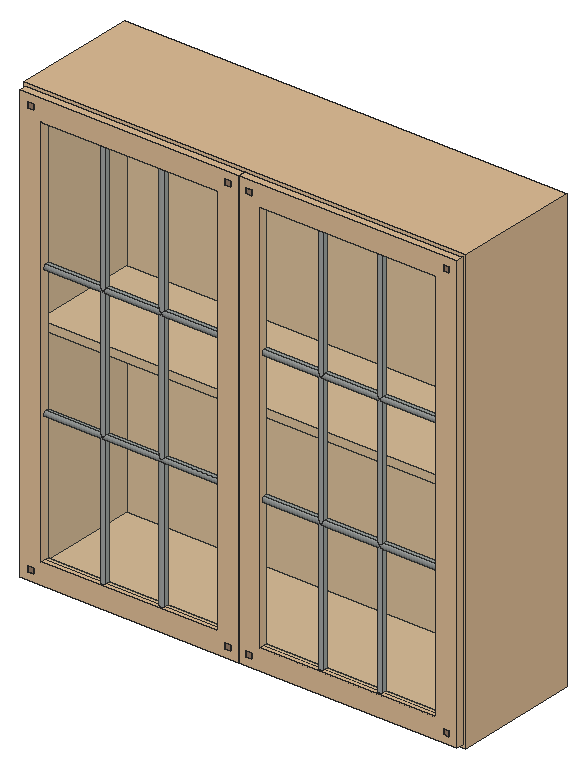
Revit family "Cabinet_Wall_Doors", category Casework, Revit 2026
Family settings
  Classification Number = 23.40.35.11.11
  Work Plane-Based = No
  Always vertical = Yes
  Cut with Voids When Loaded = No
  Shared = No
  Room Calculation Point = No
Parameters (values of type "42x42h - 2Dr_Glz")
  Width = 3' - 6"
  Warranty Duration (Years) = 5
  Mounting Height = 4' - 6"
  Test Data = ""
  Specification = "http://www.arcat.com/divs/sec/sec12350.shtml"
  Show Annotation [instance] = yes
  Sales Information = ""
  Right Side Panel Finish = ARCAT - Wood - Maple_Hard
  Product Properties = "http://www.arcat.com/bim/bim_info.pl?fn=Cabinet_Wall_Doors"
  Product Data = "http://www.arcat.com/divs/sec/sec12350.shtml"
  Panel Thickness = 0' - 0 3/4"
  Model = "42x42h - 2Dr - Glz"
  Manufacturer Website = "http://www.arcat.com/"
  Manufacturer Phone - Toll Free = ""
  Manufacturer Phone = "(203) 929-9444"  # constant formula
  Manufacturer Fax = "(203) 939-2444"  # constant formula
  Manufacturer Email = "bim@arcat.com"  # constant formula
  Manufacturer Address = "1077 Bridgeport Ave, Shelton, CT  06484"  # constant formula
  Manufacturer = "Generic"
  Maintainence Schedule (Months) = 1
  Left Side Panel Finish = ARCAT - Wood - Maple_Hard
  Keynote = "12350"
  Installation_Fabricaton = "http://www.nkba.org"
  Installation Phase = "Finish Carpentry"
  Height = 3' - 6"
  Hardware Type = "Recessed Cup Self Closing Hinges"
  Green Building-LEED = "http://www.arcat.com/green/green_building.shtml"
  Glass Type = ARCAT - Glass - Annealed - Tinted_Green
  FrameReveal = 0' - 0 1/4"
  Frame Width = 0' - 1 1/2"
  Frame Finish = ARCAT - Wood - Maple_Hard
  Expected Lifespan (Years) = 20
  DrwrConstrain [instance] = 2
  Drawn By = "Robert S. Weygant. CSI, CDT, SCIP"  # constant formula
  Drawer [instance] = yes
  DoorWidth [instance] = if(DoorConstrain > 1, ((Width - (FrameReveal * 2)) / 2), (Width - (FrameReveal * 2)))  # 1' - 8 3/4"
  DoorHeight [instance] = (Height - (FrameReveal * 2))  # 3' - 5 1/2"
  DoorCount = 2
  DoorConstrain [instance] = if(Width < 1' 6", 1, DoorCount)  # 2
  Door Thickness = 0' - 0 3/4"
  Door Style = Door - Shaker-Glass : Door
  Door Panel Material = ARCAT - Wood - Cherry_Domestic
  Door Frame Material = ARCAT - Wood - Cherry_Domestic
  Door Finish = none
  Description = "42\"W x 42\"H 2 Glass Door Wall Cabinet"
  Depth = 1' - 0"
  Default Elevation = 0' - 0"
  Copyright = "2008, ARCAT, Inc."  # constant formula
  Construction Details = "http://www.arcat.com/divs/sec/sec12350.shtml"
  Building Codes = "http://www.iccsafe.org"
  Assembly Code = "C1030410"
  2Doors [instance] = DoorConstrain > 1  # yes
Types (160): name | Width | Model | Height | DoorWidth | DoorHeight | DoorCount | DoorConstrain | Door Style | Description | 2Doors
  42x42h - 2Dr_Glz | 3' - 6" | "42x42h - 2Dr - Glz" | 3' - 6" | 1' - 8 3/4" | 3' - 5 1/2" | 2 | 2 | Door - Shaker-Glass : Door | "42\"W x 42\"H 2 Glass Door Wall Cabinet" | yes
  36x42h - 2Dr_Glz | 3' - 0" | "36x42h - 2Dr - Glz" | 3' - 6" | 1' - 5 3/4" | 3' - 5 1/2" | 2 | 2 | Door - Shaker-Glass : Door | "36\"W x 42\"H 2 Glass Door Wall Cabinet" | yes
  30x42h - 2Dr_Glz | 2' - 6" | "30x42h - 2Dr - Glz" | 3' - 6" | 1' - 2 3/4" | 3' - 5 1/2" | 2 | 2 | Door - Shaker-Glass : Door | "30\"W x 42\"H 2 Glass Door Wall Cabinet" | yes
  24x42h - 2Dr_Glz | 2' - 0" | "24x42h - 2Dr - Glz" | 3' - 6" | 0' - 11 3/4" | 3' - 5 1/2" | 2 | 2 | Door - Shaker-Glass : Door | "24\"W x 42\"H 2 Glass Door Wall Cabinet" | yes
  21x42h - 2Dr_Glz | 1' - 9" | "21x42h - 2Dr - Glz" | 3' - 6" | 0' - 10 1/4" | 3' - 5 1/2" | 2 | 2 | Door - Shaker-Glass : Door | "21\"W x 42\"H 2 Glass Door Wall Cabinet" | yes
  21x42h - 1Dr_Glz | 1' - 9" | "21x42h - 1Dr - Glz" | 3' - 6" | 1' - 8 1/2" | 3' - 5 1/2" | 1 | 1 | Door - Shaker-Glass : Door | "21\"W x 42\"H 1 Glass Door Wall Cabinet" | no
  18x42h - 2Dr_Glz | 1' - 6" | "18x42h - 2Dr - Glz" | 3' - 6" | 0' - 8 3/4" | 3' - 5 1/2" | 2 | 2 | Door - Shaker-Glass : Door | "18\"W x 42\"H 2 Glass Door Wall Cabinet" | yes
  18x42h - 1Dr_Glz | 1' - 6" | "18x42h - 1Dr - Glz" | 3' - 6" | 1' - 5 1/2" | 3' - 5 1/2" | 1 | 1 | Door - Shaker-Glass : Door | "18\"W x 42\"H 1 Glass Door Wall Cabinet" | no
  15x42h - 1Dr_Glz | 1' - 3" | "15x42h - 1Dr - Glz" | 3' - 6" | 1' - 2 1/2" | 3' - 5 1/2" | 1 | 1 | Door - Shaker-Glass : Door | "15\"W x 42\"H 1 Glass Door Wall Cabinet" | no
  12x42h - 1Dr_Glz | 1' - 0" | "12x42h - 1Dr - Glz" | 3' - 6" | 0' - 11 1/2" | 3' - 5 1/2" | 1 | 1 | Door - Shaker-Glass : Door | "12\"W x 42\"H 1 Glass Door Wall Cabinet" | no
  42x42h - 2Dr | 3' - 6" | "42x42h - 2Dr" | 3' - 6" | 1' - 8 3/4" | 3' - 5 1/2" | 2 | 2 | Door - Shaker : Door | "42\"W x 42\"H 2 Door Wall Cabinet" | yes
  36x42h - 2Dr | 3' - 0" | "36x42h - 2Dr" | 3' - 6" | 1' - 5 3/4" | 3' - 5 1/2" | 2 | 2 | Door - Shaker : Door | "36\"W x 42\"H 2 Door Wall Cabinet" | yes
  30x42h - 2Dr | 2' - 6" | "30x42h - 2Dr" | 3' - 6" | 1' - 2 3/4" | 3' - 5 1/2" | 2 | 2 | Door - Shaker : Door | "30\"W x 42\"H 2 Door Wall Cabinet" | yes
  24x42h - 2Dr | 2' - 0" | "24x42h - 2Dr" | 3' - 6" | 0' - 11 3/4" | 3' - 5 1/2" | 2 | 2 | Door - Shaker : Door | "24\"W x 42\"H 2 Door Wall Cabinet" | yes
  21x42h - 2Dr | 1' - 9" | "21x42h - 2Dr" | 3' - 6" | 0' - 10 1/4" | 3' - 5 1/2" | 2 | 2 | Door - Shaker : Door | "21\"W x 42\"H 2 Door Wall Cabinet" | yes
  21x42h - 1Dr | 1' - 9" | "21x42h - 1Dr" | 3' - 6" | 1' - 8 1/2" | 3' - 5 1/2" | 1 | 1 | Door - Shaker : Door | "21\"W x 42\"H 1 Door Wall Cabinet" | no
  18x42h - 2Dr | 1' - 6" | "18x42h - 2Dr" | 3' - 6" | 0' - 8 3/4" | 3' - 5 1/2" | 2 | 2 | Door - Shaker : Door | "18\"W x 42\"H 2 Door Wall Cabinet" | yes
  18x42h - 1Dr | 1' - 6" | "18x42h - 1Dr" | 3' - 6" | 1' - 5 1/2" | 3' - 5 1/2" | 1 | 1 | Door - Shaker : Door | "18\"W x 42\"H 1 Door Wall Cabinet" | no
  15x42h - 1Dr | 1' - 3" | "15x42h - 1Dr" | 3' - 6" | 1' - 2 1/2" | 3' - 5 1/2" | 1 | 1 | Door - Shaker : Door | "15\"W x 42\"H 1 Door Wall Cabinet" | no
  12x42h - 1Dr | 1' - 0" | "12x42h - 1Dr" | 3' - 6" | 0' - 11 1/2" | 3' - 5 1/2" | 1 | 1 | Door - Shaker : Door | "12\"W x 42\"H 1 Door Wall Cabinet" | no
  42x36h - 2Dr_Glz | 3' - 6" | "42x36h - 2Dr - Glz" | 3' - 0" | 1' - 8 3/4" | 2' - 11 1/2" | 2 | 2 | Door - Shaker-Glass : Door | "42\"W x 36\"H 2 Glass Door Wall Cabinet" | yes
  36x36h - 2Dr_Glz | 3' - 0" | "36x36h - 2Dr - Glz" | 3' - 0" | 1' - 5 3/4" | 2' - 11 1/2" | 2 | 2 | Door - Shaker-Glass : Door | "36\"W x 36\"H 2 Glass Door Wall Cabinet" | yes
  30x36h - 2Dr_Glz | 2' - 6" | "30x36h - 2Dr - Glz" | 3' - 0" | 1' - 2 3/4" | 2' - 11 1/2" | 2 | 2 | Door - Shaker-Glass : Door | "30\"W x 36\"H 2 Glass Door Wall Cabinet" | yes
  24x36h - 2Dr_Glz | 2' - 0" | "24x36h - 2Dr - Glz" | 3' - 0" | 0' - 11 3/4" | 2' - 11 1/2" | 2 | 2 | Door - Shaker-Glass : Door | "24\"W x 36\"H 2 Glass Door Wall Cabinet" | yes
  21x36h - 2Dr_Glz | 1' - 9" | "21x36h - 2Dr - Glz" | 3' - 0" | 0' - 10 1/4" | 2' - 11 1/2" | 2 | 2 | Door - Shaker-Glass : Door | "21\"W x 36\"H 2 Glass Door Wall Cabinet" | yes
  21x36h - 1Dr_Glz | 1' - 9" | "21x36h - 1Dr - Glz" | 3' - 0" | 1' - 8 1/2" | 2' - 11 1/2" | 1 | 1 | Door - Shaker-Glass : Door | "21\"W x 36\"H 1 Glass Door Wall Cabinet" | no
  18x36h - 2Dr_Glz | 1' - 6" | "18x36h - 2Dr - Glz" | 3' - 0" | 0' - 8 3/4" | 2' - 11 1/2" | 2 | 2 | Door - Shaker-Glass : Door | "18\"W x 36\"H 2 Glass Door Wall Cabinet" | yes
  18x36h - 1Dr_Glz | 1' - 6" | "18x36h - 1Dr - Glz" | 3' - 0" | 1' - 5 1/2" | 2' - 11 1/2" | 1 | 1 | Door - Shaker-Glass : Door | "18\"W x 36\"H 1 Glass Door Wall Cabinet" | no
  15x36h - 1Dr_Glz | 1' - 3" | "15x36h - 1Dr - Glz" | 3' - 0" | 1' - 2 1/2" | 2' - 11 1/2" | 1 | 1 | Door - Shaker-Glass : Door | "15\"W x 36\"H 1 Glass Door Wall Cabinet" | no
  12x36h - 1Dr_Glz | 1' - 0" | "12x36h - 1Dr - Glz" | 3' - 0" | 0' - 11 1/2" | 2' - 11 1/2" | 1 | 1 | Door - Shaker-Glass : Door | "12\"W x 36\"H 1 Glass Door Wall Cabinet" | no
  42x36h - 2Dr | 3' - 6" | "42x36h - 2Dr" | 3' - 0" | 1' - 8 3/4" | 2' - 11 1/2" | 2 | 2 | Door - Shaker : Door | "42\"W x 36\"H 2 Door Wall Cabinet" | yes
  36x36h - 2Dr | 3' - 0" | "36x36h - 2Dr" | 3' - 0" | 1' - 5 3/4" | 2' - 11 1/2" | 2 | 2 | Door - Shaker : Door | "36\"W x 36\"H 2 Door Wall Cabinet" | yes
  30x36h - 2Dr | 2' - 6" | "30x36h - 2Dr" | 3' - 0" | 1' - 2 3/4" | 2' - 11 1/2" | 2 | 2 | Door - Shaker : Door | "30\"W x 36\"H 2 Door Wall Cabinet" | yes
  24x36h - 2Dr | 2' - 0" | "24x36h - 2Dr" | 3' - 0" | 0' - 11 3/4" | 2' - 11 1/2" | 2 | 2 | Door - Shaker : Door | "24\"W x 36\"H 2 Door Wall Cabinet" | yes
  21x36h - 2Dr | 1' - 9" | "21x36h - 2Dr" | 3' - 0" | 0' - 10 1/4" | 2' - 11 1/2" | 2 | 2 | Door - Shaker : Door | "21\"W x 36\"H 2 Door Wall Cabinet" | yes
  21x36h - 1Dr | 1' - 9" | "21x36h - 1Dr" | 3' - 0" | 1' - 8 1/2" | 2' - 11 1/2" | 1 | 1 | Door - Shaker : Door | "21\"W x 36\"H 1 Door Wall Cabinet" | no
  18x36h - 2Dr | 1' - 6" | "18x36h - 2Dr" | 3' - 0" | 0' - 8 3/4" | 2' - 11 1/2" | 2 | 2 | Door - Shaker : Door | "18\"W x 36\"H 2 Door Wall Cabinet" | yes
  18x36h - 1Dr | 1' - 6" | "18x36h - 1Dr" | 3' - 0" | 1' - 5 1/2" | 2' - 11 1/2" | 1 | 1 | Door - Shaker : Door | "18\"W x 36\"H 1 Door Wall Cabinet" | no
  15x36h - 1Dr | 1' - 3" | "15x36h - 1Dr" | 3' - 0" | 1' - 2 1/2" | 2' - 11 1/2" | 1 | 1 | Door - Shaker : Door | "15\"W x 36\"H 1 Door Wall Cabinet" | no
  12x36h - 1Dr | 1' - 0" | "12x36h - 1Dr" | 3' - 0" | 0' - 11 1/2" | 2' - 11 1/2" | 1 | 1 | Door - Shaker : Door | "12\"W x 36\"H 1 Door Wall Cabinet" | no
  42x30h - 2Dr_Glz | 3' - 6" | "42x30h - 2Dr - Glz" | 2' - 6" | 1' - 8 3/4" | 2' - 5 1/2" | 2 | 2 | Door - Shaker-Glass : Door | "42\"W x 30\"H 2 Glass Door Wall Cabinet" | yes
  36x30h - 2Dr_Glz | 3' - 0" | "36x30h - 2Dr - Glz" | 2' - 6" | 1' - 5 3/4" | 2' - 5 1/2" | 2 | 2 | Door - Shaker-Glass : Door | "36\"W x 30\"H 2 Glass Door Wall Cabinet" | yes
  30x30h - 2Dr_Glz | 2' - 6" | "30x30h - 2Dr - Glz" | 2' - 6" | 1' - 2 3/4" | 2' - 5 1/2" | 2 | 2 | Door - Shaker-Glass : Door | "30\"W x 30\"H 2 Glass Door Wall Cabinet" | yes
  24x30h - 2Dr_Glz | 2' - 0" | "24x30h - 2Dr - Glz" | 2' - 6" | 0' - 11 3/4" | 2' - 5 1/2" | 2 | 2 | Door - Shaker-Glass : Door | "24\"W x 30\"H 2 Glass Door Wall Cabinet" | yes
  21x30h - 2Dr_Glz | 1' - 9" | "21x30h - 2Dr - Glz" | 2' - 6" | 0' - 10 1/4" | 2' - 5 1/2" | 2 | 2 | Door - Shaker-Glass : Door | "21\"W x 30\"H 2 Glass Door Wall Cabinet" | yes
  21x30h - 1Dr_Glz | 1' - 9" | "21x30h - 1Dr - Glz" | 2' - 6" | 1' - 8 1/2" | 2' - 5 1/2" | 1 | 1 | Door - Shaker-Glass : Door | "21\"W x 30\"H 1 Glass Door Wall Cabinet" | no
  18x30h - 2Dr_Glz | 1' - 6" | "18x30h - 2Dr - Glz" | 2' - 6" | 0' - 8 3/4" | 2' - 5 1/2" | 2 | 2 | Door - Shaker-Glass : Door | "18\"W x 30\"H 2 Glass Door Wall Cabinet" | yes
  18x30h - 1Dr_Glz | 1' - 6" | "18x30h - 1Dr - Glz" | 2' - 6" | 1' - 5 1/2" | 2' - 5 1/2" | 1 | 1 | Door - Shaker-Glass : Door | "18\"W x 30\"H 1 Glass Door Wall Cabinet" | no
  15x30h - 1Dr_Glz | 1' - 3" | "15x30h - 1Dr - Glz" | 2' - 6" | 1' - 2 1/2" | 2' - 5 1/2" | 1 | 1 | Door - Shaker-Glass : Door | "15\"W x 30\"H 1 Glass Door Wall Cabinet" | no
  12x30h - 1Dr_Glz | 1' - 0" | "12x30h - 1Dr - Glz" | 2' - 6" | 0' - 11 1/2" | 2' - 5 1/2" | 1 | 1 | Door - Shaker-Glass : Door | "12\"W x 30\"H 1 Glass Door Wall Cabinet" | no
  42x30h - 2Dr | 3' - 6" | "42x30h - 2Dr" | 2' - 6" | 1' - 8 3/4" | 2' - 5 1/2" | 2 | 2 | Door - Shaker : Door | "42\"W x 30\"H 2 Door Wall Cabinet" | yes
  36x30h - 2Dr | 3' - 0" | "36x30h - 2Dr" | 2' - 6" | 1' - 5 3/4" | 2' - 5 1/2" | 2 | 2 | Door - Shaker : Door | "36\"W x 30\"H 2 Door Wall Cabinet" | yes
  30x30h - 2Dr | 2' - 6" | "30x30h - 2Dr" | 2' - 6" | 1' - 2 3/4" | 2' - 5 1/2" | 2 | 2 | Door - Shaker : Door | "30\"W x 30\"H 2 Door Wall Cabinet" | yes
  24x30h - 2Dr | 2' - 0" | "24x30h - 2Dr" | 2' - 6" | 0' - 11 3/4" | 2' - 5 1/2" | 2 | 2 | Door - Shaker : Door | "24\"W x 30\"H 2 Door Wall Cabinet" | yes
  21x30h - 2Dr | 1' - 9" | "21x30h - 2Dr" | 2' - 6" | 0' - 10 1/4" | 2' - 5 1/2" | 2 | 2 | Door - Shaker : Door | "21\"W x 30\"H 2 Door Wall Cabinet" | yes
  21x30h - 1Dr | 1' - 9" | "21x30h - 1Dr" | 2' - 6" | 1' - 8 1/2" | 2' - 5 1/2" | 1 | 1 | Door - Shaker : Door | "21\"W x 30\"H 1 Door Wall Cabinet" | no
  18x30h - 2Dr | 1' - 6" | "18x30h - 2Dr" | 2' - 6" | 0' - 8 3/4" | 2' - 5 1/2" | 2 | 2 | Door - Shaker : Door | "18\"W x 30\"H 2 Door Wall Cabinet" | yes
  18x30h - 1Dr | 1' - 6" | "18x30h - 1Dr" | 2' - 6" | 1' - 5 1/2" | 2' - 5 1/2" | 1 | 1 | Door - Shaker : Door | "18\"W x 30\"H 1 Door Wall Cabinet" | no
  15x30h - 1Dr | 1' - 3" | "15x30h - 1Dr" | 2' - 6" | 1' - 2 1/2" | 2' - 5 1/2" | 1 | 1 | Door - Shaker : Door | "15\"W x 30\"H 1 Door Wall Cabinet" | no
  12x30h - 1Dr | 1' - 0" | "12x30h - 1Dr" | 2' - 6" | 0' - 11 1/2" | 2' - 5 1/2" | 1 | 1 | Door - Shaker : Door | "12\"W x 30\"H 1 Door Wall Cabinet" | no
  42x21h - 2Dr_Glz | 3' - 6" | "42x21h - 2Dr - Glz" | 1' - 9" | 1' - 8 3/4" | 1' - 8 1/2" | 2 | 2 | Door - Shaker-Glass : Door | "42\"W x 21\"H 2 Glass Door Wall Cabinet" | yes
  36x21h - 2Dr_Glz | 3' - 0" | "36x21h - 2Dr - Glz" | 1' - 9" | 1' - 5 3/4" | 1' - 8 1/2" | 2 | 2 | Door - Shaker-Glass : Door | "36\"W x 21\"H 2 Glass Door Wall Cabinet" | yes
  30x21h - 2Dr_Glz | 2' - 6" | "30x21h - 2Dr - Glz" | 1' - 9" | 1' - 2 3/4" | 1' - 8 1/2" | 2 | 2 | Door - Shaker-Glass : Door | "30\"W x 21\"H 2 Glass Door Wall Cabinet" | yes
  24x21h - 2Dr_Glz | 2' - 0" | "24x21h - 2Dr - Glz" | 1' - 9" | 0' - 11 3/4" | 1' - 8 1/2" | 2 | 2 | Door - Shaker-Glass : Door | "24\"W x 21\"H 2 Glass Door Wall Cabinet" | yes
  21x21h - 2Dr_Glz | 1' - 9" | "21x21h - 2Dr - Glz" | 1' - 9" | 0' - 10 1/4" | 1' - 8 1/2" | 2 | 2 | Door - Shaker-Glass : Door | "21\"W x 21\"H 2 Glass Door Wall Cabinet" | yes
  21x21h - 1Dr_Glz | 1' - 9" | "21x21h - 1Dr - Glz" | 1' - 9" | 1' - 8 1/2" | 1' - 8 1/2" | 1 | 1 | Door - Shaker-Glass : Door | "21\"W x 21\"H 1 Glass Door Wall Cabinet" | no
  18x21h - 2Dr_Glz | 1' - 6" | "18x21h - 2Dr - Glz" | 1' - 9" | 0' - 8 3/4" | 1' - 8 1/2" | 2 | 2 | Door - Shaker-Glass : Door | "18\"W x 21\"H 2 Glass Door Wall Cabinet" | yes
  18x21h - 1Dr_Glz | 1' - 6" | "18x21h - 1Dr - Glz" | 1' - 9" | 1' - 5 1/2" | 1' - 8 1/2" | 1 | 1 | Door - Shaker-Glass : Door | "18\"W x 21\"H 1 Glass Door Wall Cabinet" | no
  15x21h - 1Dr_Glz | 1' - 3" | "15x21h - 1Dr - Glz" | 1' - 9" | 1' - 2 1/2" | 1' - 8 1/2" | 1 | 1 | Door - Shaker-Glass : Door | "15\"W x 21\"H 1 Glass Door Wall Cabinet" | no
  12x21h - 1Dr_Glz | 1' - 0" | "12x21h - 1Dr - Glz" | 1' - 9" | 0' - 11 1/2" | 1' - 8 1/2" | 1 | 1 | Door - Shaker-Glass : Door | "12\"W x 21\"H 1 Glass Door Wall Cabinet" | no
  42x21h - 2Dr | 3' - 6" | "42x21h - 2Dr" | 1' - 9" | 1' - 8 3/4" | 1' - 8 1/2" | 2 | 2 | Door - Shaker : Door | "42\"W x 21\"H 2 Door Wall Cabinet" | yes
  36x21h - 2Dr | 3' - 0" | "36x21h - 2Dr" | 1' - 9" | 1' - 5 3/4" | 1' - 8 1/2" | 2 | 2 | Door - Shaker : Door | "36\"W x 21\"H 2 Door Wall Cabinet" | yes
  30x21h - 2Dr | 2' - 6" | "30x21h - 2Dr" | 1' - 9" | 1' - 2 3/4" | 1' - 8 1/2" | 2 | 2 | Door - Shaker : Door | "30\"W x 21\"H 2 Door Wall Cabinet" | yes
  24x21h - 2Dr | 2' - 0" | "24x21h - 2Dr" | 1' - 9" | 0' - 11 3/4" | 1' - 8 1/2" | 2 | 2 | Door - Shaker : Door | "24\"W x 21\"H 2 Door Wall Cabinet" | yes
  21x21h - 2Dr | 1' - 9" | "21x21h - 2Dr" | 1' - 9" | 0' - 10 1/4" | 1' - 8 1/2" | 2 | 2 | Door - Shaker : Door | "21\"W x 21\"H 2 Door Wall Cabinet" | yes
  21x21h - 1Dr | 1' - 9" | "21x21h - 1Dr" | 1' - 9" | 1' - 8 1/2" | 1' - 8 1/2" | 1 | 1 | Door - Shaker : Door | "21\"W x 21\"H 1 Door Wall Cabinet" | no
  18x21h - 2Dr | 1' - 6" | "18x21h - 2Dr" | 1' - 9" | 0' - 8 3/4" | 1' - 8 1/2" | 2 | 2 | Door - Shaker : Door | "18\"W x 21\"H 2 Door Wall Cabinet" | yes
  18x21h - 1Dr | 1' - 6" | "18x21h - 1Dr" | 1' - 9" | 1' - 5 1/2" | 1' - 8 1/2" | 1 | 1 | Door - Shaker : Door | "18\"W x 21\"H 1 Door Wall Cabinet" | no
  15x21h - 1Dr | 1' - 3" | "15x21h - 1Dr" | 1' - 9" | 1' - 2 1/2" | 1' - 8 1/2" | 1 | 1 | Door - Shaker : Door | "15\"W x 21\"H 1 Door Wall Cabinet" | no
  12x21h - 1Dr | 1' - 0" | "12x21h - 1Dr" | 1' - 9" | 0' - 11 1/2" | 1' - 8 1/2" | 1 | 1 | Door - Shaker : Door | "12\"W x 21\"H 1 Door Wall Cabinet" | no
  42x18h - 2Dr_Glz | 3' - 6" | "42x18h - 2Dr - Glz" | 1' - 6" | 1' - 8 3/4" | 1' - 5 1/2" | 2 | 2 | Door - Shaker-Glass : Door | "42\"W x 18\"H 2 Glass Door Wall Cabinet" | yes
  36x18h - 2Dr_Glz | 3' - 0" | "36x18h - 2Dr - Glz" | 1' - 6" | 1' - 5 3/4" | 1' - 5 1/2" | 2 | 2 | Door - Shaker-Glass : Door | "36\"W x 18\"H 2 Glass Door Wall Cabinet" | yes
  30x18h - 2Dr_Glz | 2' - 6" | "30x18h - 2Dr - Glz" | 1' - 6" | 1' - 2 3/4" | 1' - 5 1/2" | 2 | 2 | Door - Shaker-Glass : Door | "30\"W x 18\"H 2 Glass Door Wall Cabinet" | yes
  24x18h - 2Dr_Glz | 2' - 0" | "24x18h - 2Dr - Glz" | 1' - 6" | 0' - 11 3/4" | 1' - 5 1/2" | 2 | 2 | Door - Shaker-Glass : Door | "24\"W x 18\"H 2 Glass Door Wall Cabinet" | yes
  21x18h - 2Dr_Glz | 1' - 9" | "21x18h - 2Dr - Glz" | 1' - 6" | 0' - 10 1/4" | 1' - 5 1/2" | 2 | 2 | Door - Shaker-Glass : Door | "21\"W x 18\"H 2 Glass Door Wall Cabinet" | yes
  21x18h - 1Dr_Glz | 1' - 9" | "21x18h - 1Dr - Glz" | 1' - 6" | 1' - 8 1/2" | 1' - 5 1/2" | 1 | 1 | Door - Shaker-Glass : Door | "21\"W x 18\"H 1 Glass Door Wall Cabinet" | no
  18x18h - 2Dr_Glz | 1' - 6" | "18x18h - 2Dr - Glz" | 1' - 6" | 0' - 8 3/4" | 1' - 5 1/2" | 2 | 2 | Door - Shaker-Glass : Door | "18\"W x 18\"H 2 Glass Door Wall Cabinet" | yes
  18x18h - 1Dr_Glz | 1' - 6" | "18x18h - 1Dr - Glz" | 1' - 6" | 1' - 5 1/2" | 1' - 5 1/2" | 1 | 1 | Door - Shaker-Glass : Door | "18\"W x 18\"H 1 Glass Door Wall Cabinet" | no
  15x18h - 1Dr_Glz | 1' - 3" | "15x18h - 1Dr - Glz" | 1' - 6" | 1' - 2 1/2" | 1' - 5 1/2" | 1 | 1 | Door - Shaker-Glass : Door | "15\"W x 18\"H 1 Glass Door Wall Cabinet" | no
  12x18h - 1Dr_Glz | 1' - 0" | "12x18h - 1Dr - Glz" | 1' - 6" | 0' - 11 1/2" | 1' - 5 1/2" | 1 | 1 | Door - Shaker-Glass : Door | "12\"W x 18\"H 1 Glass Door Wall Cabinet" | no
  42x18h - 2Dr | 3' - 6" | "42x18h - 2Dr" | 1' - 6" | 1' - 8 3/4" | 1' - 5 1/2" | 2 | 2 | Door - Shaker : Door | "42\"W x 18\"H 2 Door Wall Cabinet" | yes
  36x18h - 2Dr | 3' - 0" | "36x18h - 2Dr" | 1' - 6" | 1' - 5 3/4" | 1' - 5 1/2" | 2 | 2 | Door - Shaker : Door | "36\"W x 18\"H 2 Door Wall Cabinet" | yes
  30x18h - 2Dr | 2' - 6" | "30x18h - 2Dr" | 1' - 6" | 1' - 2 3/4" | 1' - 5 1/2" | 2 | 2 | Door - Shaker : Door | "30\"W x 18\"H 2 Door Wall Cabinet" | yes
  24x18h - 2Dr | 2' - 0" | "24x18h - 2Dr" | 1' - 6" | 0' - 11 3/4" | 1' - 5 1/2" | 2 | 2 | Door - Shaker : Door | "24\"W x 18\"H 2 Door Wall Cabinet" | yes
  21x18h - 2Dr | 1' - 9" | "21x18h - 2Dr" | 1' - 6" | 0' - 10 1/4" | 1' - 5 1/2" | 2 | 2 | Door - Shaker : Door | "21\"W x 18\"H 2 Door Wall Cabinet" | yes
  21x18h - 1Dr | 1' - 9" | "21x18h - 1Dr" | 1' - 6" | 1' - 8 1/2" | 1' - 5 1/2" | 1 | 1 | Door - Shaker : Door | "21\"W x 18\"H 1 Door Wall Cabinet" | no
  18x18h - 2Dr | 1' - 6" | "18x18h - 2Dr" | 1' - 6" | 0' - 8 3/4" | 1' - 5 1/2" | 2 | 2 | Door - Shaker : Door | "18\"W x 18\"H 2 Door Wall Cabinet" | yes
  18x18h - 1Dr | 1' - 6" | "18x18h - 1Dr" | 1' - 6" | 1' - 5 1/2" | 1' - 5 1/2" | 1 | 1 | Door - Shaker : Door | "18\"W x 18\"H 1 Door Wall Cabinet" | no
  15x18h - 1Dr | 1' - 3" | "15x18h - 1Dr" | 1' - 6" | 1' - 2 1/2" | 1' - 5 1/2" | 1 | 1 | Door - Shaker : Door | "15\"W x 18\"H 1 Door Wall Cabinet" | no
  12x18h - 1Dr | 1' - 0" | "12x18h - 1Dr" | 1' - 6" | 0' - 11 1/2" | 1' - 5 1/2" | 1 | 1 | Door - Shaker : Door | "12\"W x 18\"H 1 Door Wall Cabinet" | no
  42x15h - 2Dr_Glz | 3' - 6" | "42x15h - 2Dr - Glz" | 1' - 3" | 1' - 8 3/4" | 1' - 2 1/2" | 2 | 2 | Door - Shaker-Glass : Door | "42\"W x 15\"H 2 Glass Door Wall Cabinet" | yes
  36x15h - 2Dr_Glz | 3' - 0" | "36x15h - 2Dr - Glz" | 1' - 3" | 1' - 5 3/4" | 1' - 2 1/2" | 2 | 2 | Door - Shaker-Glass : Door | "36\"W x 15\"H 2 Glass Door Wall Cabinet" | yes
  30x15h - 2Dr_Glz | 2' - 6" | "30x15h - 2Dr - Glz" | 1' - 3" | 1' - 2 3/4" | 1' - 2 1/2" | 2 | 2 | Door - Shaker-Glass : Door | "30\"W x 15\"H 2 Glass Door Wall Cabinet" | yes
  24x15h - 2Dr_Glz | 2' - 0" | "24x15h - 2Dr - Glz" | 1' - 3" | 0' - 11 3/4" | 1' - 2 1/2" | 2 | 2 | Door - Shaker-Glass : Door | "24\"W x 15\"H 2 Glass Door Wall Cabinet" | yes
  21x15h - 2Dr_Glz | 1' - 9" | "21x15h - 2Dr - Glz" | 1' - 3" | 0' - 10 1/4" | 1' - 2 1/2" | 2 | 2 | Door - Shaker-Glass : Door | "21\"W x 15\"H 2 Glass Door Wall Cabinet" | yes
  21x15h - 1Dr_Glz | 1' - 9" | "21x15h - 1Dr - Glz" | 1' - 3" | 1' - 8 1/2" | 1' - 2 1/2" | 1 | 1 | Door - Shaker-Glass : Door | "21\"W x 15\"H 1 Glass Door Wall Cabinet" | no
  18x15h - 2Dr_Glz | 1' - 6" | "18x15h - 2Dr - Glz" | 1' - 3" | 0' - 8 3/4" | 1' - 2 1/2" | 2 | 2 | Door - Shaker-Glass : Door | "18\"W x 15\"H 2 Glass Door Wall Cabinet" | yes
  18x15h - 1Dr_Glz | 1' - 6" | "18x15h - 1Dr - Glz" | 1' - 3" | 1' - 5 1/2" | 1' - 2 1/2" | 1 | 1 | Door - Shaker-Glass : Door | "18\"W x 15\"H 1 Glass Door Wall Cabinet" | no
  15x15h - 1Dr_Glz | 1' - 3" | "15x15h - 1Dr - Glz" | 1' - 3" | 1' - 2 1/2" | 1' - 2 1/2" | 1 | 1 | Door - Shaker-Glass : Door | "15\"W x 15\"H 1 Glass Door Wall Cabinet" | no
  12x15h - 1Dr_Glz | 1' - 0" | "12x15h - 1Dr - Glz" | 1' - 3" | 0' - 11 1/2" | 1' - 2 1/2" | 1 | 1 | Door - Shaker-Glass : Door | "12\"W x 15\"H 1 Glass Door Wall Cabinet" | no
  42x15h - 2Dr | 3' - 6" | "42x15h - 2Dr" | 1' - 3" | 1' - 8 3/4" | 1' - 2 1/2" | 2 | 2 | Door - Shaker : Door | "42\"W x 15\"H 2 Door Wall Cabinet" | yes
  36x15h - 2Dr | 3' - 0" | "36x15h - 2Dr" | 1' - 3" | 1' - 5 3/4" | 1' - 2 1/2" | 2 | 2 | Door - Shaker : Door | "36\"W x 15\"H 2 Door Wall Cabinet" | yes
  30x15h - 2Dr | 2' - 6" | "30x15h - 2Dr" | 1' - 3" | 1' - 2 3/4" | 1' - 2 1/2" | 2 | 2 | Door - Shaker : Door | "30\"W x 15\"H 2 Door Wall Cabinet" | yes
  24x15h - 2Dr | 2' - 0" | "24x15h - 2Dr" | 1' - 3" | 0' - 11 3/4" | 1' - 2 1/2" | 2 | 2 | Door - Shaker : Door | "24\"W x 15\"H 2 Door Wall Cabinet" | yes
  21x15h - 2Dr | 1' - 9" | "21x15h - 2Dr" | 1' - 3" | 0' - 10 1/4" | 1' - 2 1/2" | 2 | 2 | Door - Shaker : Door | "21\"W x 15\"H 2 Door Wall Cabinet" | yes
  21x15h - 1Dr | 1' - 9" | "21x15h - 1Dr" | 1' - 3" | 1' - 8 1/2" | 1' - 2 1/2" | 1 | 1 | Door - Shaker : Door | "21\"W x 15\"H 1 Door Wall Cabinet" | no
  18x15h - 2Dr | 1' - 6" | "18x15h - 2Dr" | 1' - 3" | 0' - 8 3/4" | 1' - 2 1/2" | 2 | 2 | Door - Shaker : Door | "18\"W x 15\"H 2 Door Wall Cabinet" | yes
  18x15h - 1Dr | 1' - 6" | "18x15h - 1Dr" | 1' - 3" | 1' - 5 1/2" | 1' - 2 1/2" | 1 | 1 | Door - Shaker : Door | "18\"W x 15\"H 1 Door Wall Cabinet" | no
  15x15h - 1Dr | 1' - 3" | "15x15h - 1Dr" | 1' - 3" | 1' - 2 1/2" | 1' - 2 1/2" | 1 | 1 | Door - Shaker : Door | "15\"W x 15\"H 1 Door Wall Cabinet" | no
  12x15h - 1Dr | 1' - 0" | "12x15h - 1Dr" | 1' - 3" | 0' - 11 1/2" | 1' - 2 1/2" | 1 | 1 | Door - Shaker : Door | "12\"W x 15\"H 1 Door Wall Cabinet" | no
  42x12h - 2Dr_Glz | 3' - 6" | "42x12h - 2Dr - Glz" | 1' - 0" | 1' - 8 3/4" | 0' - 11 1/2" | 2 | 2 | Door - Shaker-Glass : Door | "42\"W x 12\"H 2 Glass Door Wall Cabinet" | yes
  36x12h - 2Dr_Glz | 3' - 0" | "36x12h - 2Dr - Glz" | 1' - 0" | 1' - 5 3/4" | 0' - 11 1/2" | 2 | 2 | Door - Shaker-Glass : Door | "36\"W x 12\"H 2 Glass Door Wall Cabinet" | yes
  30x12h - 2Dr_Glz | 2' - 6" | "30x12h - 2Dr - Glz" | 1' - 0" | 1' - 2 3/4" | 0' - 11 1/2" | 2 | 2 | Door - Shaker-Glass : Door | "30\"W x 12\"H 2 Glass Door Wall Cabinet" | yes
  24x12h - 2Dr_Glz | 2' - 0" | "24x12h - 2Dr - Glz" | 1' - 0" | 0' - 11 3/4" | 0' - 11 1/2" | 2 | 2 | Door - Shaker-Glass : Door | "24\"W x 12\"H 2 Glass Door Wall Cabinet" | yes
  21x12h - 2Dr_Glz | 1' - 9" | "21x12h - 2Dr - Glz" | 1' - 0" | 0' - 10 1/4" | 0' - 11 1/2" | 2 | 2 | Door - Shaker-Glass : Door | "21\"W x 12\"H 2 Glass Door Wall Cabinet" | yes
  21x12h - 1Dr_Glz | 1' - 9" | "21x12h - 1Dr - Glz" | 1' - 0" | 1' - 8 1/2" | 0' - 11 1/2" | 1 | 1 | Door - Shaker-Glass : Door | "21\"W x 12\"H 1 Glass Door Wall Cabinet" | no
  18x12h - 2Dr_Glz | 1' - 6" | "18x12h - 2Dr - Glz" | 1' - 0" | 0' - 8 3/4" | 0' - 11 1/2" | 2 | 2 | Door - Shaker-Glass : Door | "18\"W x 12\"H 2 Glass Door Wall Cabinet" | yes
  18x12h - 1Dr_Glz | 1' - 6" | "18x12h - 1Dr - Glz" | 1' - 0" | 1' - 5 1/2" | 0' - 11 1/2" | 1 | 1 | Door - Shaker-Glass : Door | "18\"W x 12\"H 1 Glass Door Wall Cabinet" | no
  15x12h - 1Dr_Glz | 1' - 3" | "15x12h - 1Dr - Glz" | 1' - 0" | 1' - 2 1/2" | 0' - 11 1/2" | 1 | 1 | Door - Shaker-Glass : Door | "15\"W x 12\"H 1 Glass Door Wall Cabinet" | no
  12x12h - 1Dr_Glz | 1' - 0" | "12x12h - 1Dr - Glz" | 1' - 0" | 0' - 11 1/2" | 0' - 11 1/2" | 1 | 1 | Door - Shaker-Glass : Door | "12\"W x 12\"H 1 Glass Door Wall Cabinet" | no
  42x12h - 2Dr | 3' - 6" | "42x12h - 2Dr" | 1' - 0" | 1' - 8 3/4" | 0' - 11 1/2" | 2 | 2 | Door - Shaker : Door | "42\"W x 12\"H 2 Door Wall Cabinet" | yes
  36x12h - 2Dr | 3' - 0" | "36x12h - 2Dr" | 1' - 0" | 1' - 5 3/4" | 0' - 11 1/2" | 2 | 2 | Door - Shaker : Door | "36\"W x 12\"H 2 Door Wall Cabinet" | yes
  30x12h - 2Dr | 2' - 6" | "30x12h - 2Dr" | 1' - 0" | 1' - 2 3/4" | 0' - 11 1/2" | 2 | 2 | Door - Shaker : Door | "30\"W x 12\"H 2 Door Wall Cabinet" | yes
  24x12h - 2Dr | 2' - 0" | "24x12h - 2Dr" | 1' - 0" | 0' - 11 3/4" | 0' - 11 1/2" | 2 | 2 | Door - Shaker : Door | "24\"W x 12\"H 2 Door Wall Cabinet" | yes
  21x12h - 2Dr | 1' - 9" | "21x12h - 2Dr" | 1' - 0" | 0' - 10 1/4" | 0' - 11 1/2" | 2 | 2 | Door - Shaker : Door | "21\"W x 12\"H 2 Door Wall Cabinet" | yes
  21x12h - 1Dr | 1' - 9" | "21x12h - 1Dr" | 1' - 0" | 1' - 8 1/2" | 0' - 11 1/2" | 1 | 1 | Door - Shaker : Door | "21\"W x 12\"H 1 Door Wall Cabinet" | no
  18x12h - 2Dr | 1' - 6" | "18x12h - 2Dr" | 1' - 0" | 0' - 8 3/4" | 0' - 11 1/2" | 2 | 2 | Door - Shaker : Door | "18\"W x 12\"H 2 Door Wall Cabinet" | yes
  18x12h - 1Dr | 1' - 6" | "18x12h - 1Dr" | 1' - 0" | 1' - 5 1/2" | 0' - 11 1/2" | 1 | 1 | Door - Shaker : Door | "18\"W x 12\"H 1 Door Wall Cabinet" | no
  15x12h - 1Dr | 1' - 3" | "15x12h - 1Dr" | 1' - 0" | 1' - 2 1/2" | 0' - 11 1/2" | 1 | 1 | Door - Shaker : Door | "15\"W x 12\"H 1 Door Wall Cabinet" | no
  12x12h - 1Dr | 1' - 0" | "12x12h - 1Dr" | 1' - 0" | 0' - 11 1/2" | 0' - 11 1/2" | 1 | 1 | Door - Shaker : Door | "12\"W x 12\"H 1 Door Wall Cabinet" | no
  42x24h - 2Dr_Glz | 3' - 6" | "42x24h - 2Dr - Glz" | 2' - 0" | 1' - 8 3/4" | 1' - 11 1/2" | 2 | 2 | Door - Shaker-Glass : Door | "42\"W x 24\"H 2 Glass Door Wall Cabinet" | yes
  36x24h - 2Dr_Glz | 3' - 0" | "36x24h - 2Dr - Glz" | 2' - 0" | 1' - 5 3/4" | 1' - 11 1/2" | 2 | 2 | Door - Shaker-Glass : Door | "36\"W x 24\"H 2 Glass Door Wall Cabinet" | yes
  30x24h - 2Dr_Glz | 2' - 6" | "30x24h - 2Dr - Glz" | 2' - 0" | 1' - 2 3/4" | 1' - 11 1/2" | 2 | 2 | Door - Shaker-Glass : Door | "30\"W x 24\"H 2 Glass Door Wall Cabinet" | yes
  24x24h - 2Dr_Glz | 2' - 0" | "24x24h - 2Dr - Glz" | 2' - 0" | 0' - 11 3/4" | 1' - 11 1/2" | 2 | 2 | Door - Shaker-Glass : Door | "24\"W x 24\"H 2 Glass Door Wall Cabinet" | yes
  21x24h - 2Dr_Glz | 1' - 9" | "21x24h - 2Dr - Glz" | 2' - 0" | 0' - 10 1/4" | 1' - 11 1/2" | 2 | 2 | Door - Shaker-Glass : Door | "21\"W x 24\"H 2 Glass Door Wall Cabinet" | yes
  21x24h - 1Dr_Glz | 1' - 9" | "21x24h - 1Dr - Glz" | 2' - 0" | 1' - 8 1/2" | 1' - 11 1/2" | 1 | 1 | Door - Shaker-Glass : Door | "21\"W x 24\"H 1 Glass Door Wall Cabinet" | no
  18x24h - 2Dr_Glz | 1' - 6" | "18x24h - 2Dr - Glz" | 2' - 0" | 0' - 8 3/4" | 1' - 11 1/2" | 2 | 2 | Door - Shaker-Glass : Door | "18\"W x 24\"H 2 Glass Door Wall Cabinet" | yes
  18x24h - 1Dr_Glz | 1' - 6" | "18x24h - 1Dr - Glz" | 2' - 0" | 1' - 5 1/2" | 1' - 11 1/2" | 1 | 1 | Door - Shaker-Glass : Door | "18\"W x 24\"H 1 Glass Door Wall Cabinet" | no
  15x24h - 1Dr_Glz | 1' - 3" | "15x24h - 1Dr - Glz" | 2' - 0" | 1' - 2 1/2" | 1' - 11 1/2" | 1 | 1 | Door - Shaker-Glass : Door | "15\"W x 24\"H 1 Glass Door Wall Cabinet" | no
  12x24h - 1Dr_Glz | 1' - 0" | "12x24h - 1Dr - Glz" | 2' - 0" | 0' - 11 1/2" | 1' - 11 1/2" | 1 | 1 | Door - Shaker-Glass : Door | "12\"W x 24\"H 1 Glass Door Wall Cabinet" | no
  42x24h - 2Dr | 3' - 6" | "42x24h - 2Dr" | 2' - 0" | 1' - 8 3/4" | 1' - 11 1/2" | 2 | 2 | Door - Shaker : Door | "42\"W x 24\"H 2 Door Wall Cabinet" | yes
  36x24h - 2Dr | 3' - 0" | "36x24h - 2Dr" | 2' - 0" | 1' - 5 3/4" | 1' - 11 1/2" | 2 | 2 | Door - Shaker : Door | "36\"W x 24\"H 2 Door Wall Cabinet" | yes
  30x24h - 2Dr | 2' - 6" | "30x24h - 2Dr" | 2' - 0" | 1' - 2 3/4" | 1' - 11 1/2" | 2 | 2 | Door - Shaker : Door | "30\"W x 24\"H 2 Door Wall Cabinet" | yes
  24x24h - 2Dr | 2' - 0" | "24x24h - 2Dr" | 2' - 0" | 0' - 11 3/4" | 1' - 11 1/2" | 2 | 2 | Door - Shaker : Door | "24\"W x 24\"H 2 Door Wall Cabinet" | yes
  21x24h - 2Dr | 1' - 9" | "21x24h - 2Dr" | 2' - 0" | 0' - 10 1/4" | 1' - 11 1/2" | 2 | 2 | Door - Shaker : Door | "21\"W x 24\"H 2 Door Wall Cabinet" | yes
  21x24h - 1Dr | 1' - 9" | "21x24h - 1Dr" | 2' - 0" | 1' - 8 1/2" | 1' - 11 1/2" | 1 | 1 | Door - Shaker : Door | "21\"W x 24\"H 1 Door Wall Cabinet" | no
  18x24h - 2Dr | 1' - 6" | "18x24h - 2Dr" | 2' - 0" | 0' - 8 3/4" | 1' - 11 1/2" | 2 | 2 | Door - Shaker : Door | "18\"W x 24\"H 2 Door Wall Cabinet" | yes
  18x24h - 1Dr | 1' - 6" | "18x24h - 1Dr" | 2' - 0" | 1' - 5 1/2" | 1' - 11 1/2" | 1 | 1 | Door - Shaker : Door | "18\"W x 24\"H 1 Door Wall Cabinet" | no
  15x24h - 1Dr | 1' - 3" | "15x24h - 1Dr" | 2' - 0" | 1' - 2 1/2" | 1' - 11 1/2" | 1 | 1 | Door - Shaker : Door | "15\"W x 24\"H 1 Door Wall Cabinet" | no
  12x24h - 1Dr | 1' - 0" | "12x24h - 1Dr" | 2' - 0" | 0' - 11 1/2" | 1' - 11 1/2" | 1 | 1 | Door - Shaker : Door | "12\"W x 24\"H 1 Door Wall Cabinet" | no
Reference planes (in)
  plane 1 "Wall": y = -0.65074
  plane 2: z = -10
  plane 3 "Center (Left/Right)": x = -0.41784
  plane 4 "Cabinet Left": x = -21.41784
  plane 5 "Cabinet Right": x = 20.58216
  plane 6 "Cabinet Front": y = -12.65074
  plane 7 "Cabinet Top": z = 86
  plane 8 "Shelf": z = 65
  plane 9 "Base": z = 44
Forms (in)
  Extrusion 1, solid, material "ARCAT - Wood - Maple_Hard" <- "Frame Finish"
    sketch origin (0, 0, 44) x (0, -1, 0) y (1, 0, 0)
      loop
        line (12.65074, -21.41784) -> (12.65074, 20.58216) -> (0.65074, 20.58216) -> (0.65074, -21.41784) -> (12.65074, -21.41784)
      loop
        line (1.40074, 19.83216) -> (1.40074, -20.66784) -> (11.90074, -20.66784) -> (11.90074, 19.83216) -> (1.40074, 19.83216)
    from 0 to 42
  Extrusion 2, solid, material "ARCAT - Wood - Maple_Hard" <- "Frame Finish"
    sketch origin (0, 0, 44) x (0, -1, 0) y (1, 0, 0)
      loop
        line (1.40074, -20.66784) -> (11.90074, -20.66784) -> (11.90074, 19.83216) -> (1.40074, 19.83216) -> (1.40074, -20.66784)
    from 0 to 0.75
  Extrusion 3, solid, material "ARCAT - Wood - Maple_Hard" <- "Frame Finish"
    sketch origin (0, 0, 86) x (-1, 0, 0) y (0, -1, 0)
      loop
        line (20.66784, 1.40074) -> (20.66784, 11.90074) -> (-19.83216, 11.90074) -> (-19.83216, 1.40074) -> (20.66784, 1.40074)
    from 0 to -0.75
  Extrusion 4, void
    sketch origin (0, -12.65074, 0) x (-1, 0, 0) y (0, 0, 1)
      loop
        line (19.91784, 84.5) -> (-19.08216, 84.5) -> (-19.08216, 45.5) -> (19.91784, 45.5) -> (19.91784, 84.5)
    from 0 to 0.75
  Extrusion 5, solid, material "ARCAT - Wood - Maple_Hard" <- "Frame Finish"
    sketch origin (0, 0, 65) x (0, -1, 0) y (1, 0, 0)
      loop
        line (11.90074, -20.66784) -> (11.90074, 19.83216) -> (1.40074, 19.83216) -> (1.40074, -20.66784) -> (11.90074, -20.66784)
    from 0 to 0.75 <- "Panel Thickness"
Cuts and joins
  Extrusion 4 cuts Extrusion 1
  joined: Extrusion 1, Extrusion 2, Extrusion 3
Dimensions and locks (in)
  "Width": plane 4 "Cabinet Left" to plane 5 "Cabinet Right"
  equal spacing: plane 4 "Cabinet Left", plane 3 "Center (Left/Right)", plane 5 "Cabinet Right"
  "Height": plane 7 "Cabinet Top" to plane 9 "Base"
  "Depth": plane 1 "Wall" to plane 6 "Cabinet Front"
  equal spacing: plane 7 "Cabinet Top", plane 8 "Shelf", plane 9 "Base"
  "Mounting Height": plane 9 "Base" to plane 2
  "Panel Thickness": Extrusion 2 to Extrusion 2
  "Panel Thickness": Extrusion 3 to Extrusion 3
  "Frame Width": Extrusion 4 sketch curve to plane 4 "Cabinet Left"
  "Frame Width": plane 7 "Cabinet Top" to Extrusion 4 sketch curve
  "Frame Width": Extrusion 4 sketch curve to plane 9 "Base"
  "Frame Width": Extrusion 4 sketch curve to Extrusion 1
  "FrameReveal": plane 4 "Cabinet Left" to nested 1
  "FrameReveal": nested 2 to plane 5 "Cabinet Right"
  "FrameReveal": plane 7 "Cabinet Top" to nested 1
  "FrameReveal": plane 7 "Cabinet Top" to nested 2
  aligned and locked: plane 4 "Cabinet Left" to Extrusion 1 sketch curve
  aligned and locked: plane 6 "Cabinet Front" to Extrusion 1 sketch curve
  aligned and locked: plane 1 "Wall" to Extrusion 1 sketch curve
  aligned and locked: Extrusion 1 sketch curve to plane 5 "Cabinet Right"
  aligned and locked: plane 7 "Cabinet Top" to Extrusion 1
  aligned and locked: Extrusion 1 to plane 9 "Base"
  aligned and locked: Extrusion 2 sketch curve to Extrusion 1  (x4)
  aligned and locked: Extrusion 3 sketch curve to Extrusion 1  (x4)
  aligned and locked: plane 7 "Cabinet Top" to Extrusion 3
  aligned and locked: Extrusion 1 to Extrusion 4
  aligned and locked: Extrusion 4 to plane 6 "Cabinet Front"
  aligned and locked: Extrusion 5 sketch curve to cut or joined group of Extrusion 1, Extrusion 2, Extrusion 3, Extrusion 4  (x4)
  aligned and locked: plane 2 to level
Automatic sketch dimensions
  plane 1 "Wall" to Extrusion 1 sketch curve = 0' - 0 3/4"
  Extrusion 1 sketch curve to plane 5 "Cabinet Right" = 0' - 0 3/4"
  plane 4 "Cabinet Left" to Extrusion 1 sketch curve = 0' - 0 3/4"
  plane 6 "Cabinet Front" to Extrusion 1 sketch curve = 0' - 0 3/4"
Nested families (in)
  nested 1: "Door - Shaker-Glass" at (-13.37831, -12.65074, 44.25), type <- "Door Style", type "Door"
    with Depth 0' - 0 3/4", Height 3' - 5 1/2", Width 1' - 8 3/4"
  nested 2: "Door - Shaker-Glass" at (7.37169, -12.65074, 44.25), type <- "Door Style", type "Door"
    with Depth 0' - 0 3/4", Height 3' - 5 1/2", Width 1' - 8 3/4"
Definition of nested family "Door - Shaker-Glass"
  Parameters
    Leaded Glass Grids = yes
    Grid Material = none
    Glass Type = none
    Frame Width = 0' - 2"
    Frame Material = none
    Depth = 0' - 1"
    Height = 2' - 10"
    Width = 1' - 2"
    Default Elevation = 0' - 0"
    Corner Tenon Placement = (Frame Width / 2) - 0' 0 1/4"  # 0' - 0 3/4"
    Corner Tenon Material = none
  Reference planes (in)
    plane 1 "Back": y = 0
    plane 2: z = 0
    plane 3 "Center (Left/Right)": x = 2.58547
    plane 4 "Left": x = -4.41453
    plane 5 "Right": x = 9.58547
    plane 6 "Front": y = -1
    plane 7 "Top": z = 34
    plane 8: x = -2.41453
    plane 9: z = 2
    plane 10: x = 7.58547
    plane 11: z = 32
    plane 12 "PanelFace": y = -0.5
    plane 13: x = 0.9188
    plane 14: x = 4.25214
    plane 15: z = 12
    plane 16: z = 22
  Forms (in)
    Sweep 1, solid, material <- "Frame Material"
      path origin (0, -1, 0) x (1, 0, 0) y (0, 0, 1)
        loop
          line (-4.41453, 0) -> (9.58547, 0) -> (9.58547, 34) -> (-4.41453, 34) -> (-4.41453, 0)
      profile origin (-4.41453, -1, 17) x (-1, 0, 0) y (0, -1, 0)
        loop
          line (0, -1) -> (0, 0) -> (-2, 0) -> (-2, -1) -> (0, -1)
    Extrusion 2, void
      sketch origin (0, -1, 0) x (1, 0, 0) y (0, 0, 1)
        loop
          line (-3.66453, 33.25) -> (-3.66453, 32.75) -> (-3.16453, 32.75) -> (-3.16453, 33.25) -> (-3.66453, 33.25)
        loop
          line (-3.66453, 1.25) -> (-3.66453, 0.75) -> (-3.16453, 0.75) -> (-3.16453, 1.25) -> (-3.66453, 1.25)
        loop
          line (8.33547, 33.25) -> (8.33547, 32.75) -> (8.83547, 32.75) -> (8.83547, 33.25) -> (8.33547, 33.25)
        loop
          line (8.33547, 1.25) -> (8.33547, 0.75) -> (8.83547, 0.75) -> (8.83547, 1.25) -> (8.33547, 1.25)
      from 0 to -1
    Extrusion 3, solid, material <- "Corner Tenon Material"
      sketch origin (0, -1, 0) x (1, 0, 0) y (0, 0, 1)
        loop
          line (-3.16453, 33.25) -> (-3.66453, 33.25) -> (-3.66453, 32.75) -> (-3.16453, 32.75) -> (-3.16453, 33.25)
        loop
          line (8.83547, 33.25) -> (8.33547, 33.25) -> (8.33547, 32.75) -> (8.83547, 32.75) -> (8.83547, 33.25)
        loop
          line (8.83547, 1.25) -> (8.33547, 1.25) -> (8.33547, 0.75) -> (8.83547, 0.75) -> (8.83547, 1.25)
        loop
          line (-3.66453, 0.75) -> (-3.16453, 0.75) -> (-3.16453, 1.25) -> (-3.66453, 1.25) -> (-3.66453, 0.75)
      from 0 to -1
    Extrusion 4, solid, material <- "Glass Type"
      sketch origin (0, -0.5, 0) x (-1, 0, 0) y (0, 0, 1)
        loop
          line (-7.58547, 32) -> (-7.58547, 2) -> (2.41453, 2) -> (2.41453, 32) -> (-7.58547, 32)
      from 0 to 0.5
    Extrusion 5, solid, material <- "Grid Material", visible <- "Leaded Glass Grids"
      sketch origin (0, 0, 0) x (1, 0, 0) y (0, 1, 0)
        loop
          line (4.50214, -0.5) -> (4.50214, 0) -> (4.00214, 0) -> (4.00214, -0.5)
          arc (4.00214, -0.5) -> (4.25214, -0.57621) -> (4.50214, -0.5) r 0.44815
      from 2 to 32
    Extrusion 6, solid, material <- "Grid Material", visible <- "Leaded Glass Grids"
      sketch origin (-5.33333, 0, 0) x (1, 0, 0) y (0, 1, 0)
        loop
          line (6.50214, -0.5) -> (6.50214, 0) -> (6.00214, 0) -> (6.00214, -0.5)
          arc (6.00214, -0.5) -> (6.25214, -0.59271) -> (6.50214, -0.5) r 0.38341
      from 2 to 32
    Extrusion 7, solid, material <- "Grid Material", visible <- "Leaded Glass Grids"
      sketch origin (18.58547, 0, 14.74786) x (0, 0, 1) y (0, 1, 0)
        loop
          line (7.50214, -0.5) -> (7.50214, 0) -> (7.00214, 0) -> (7.00214, -0.5)
          arc (7.00214, -0.5) -> (7.25214, -0.58048) -> (7.50214, -0.5) r 0.42855
      from 11 to 21
    Extrusion 8, solid, material <- "Grid Material", visible <- "Leaded Glass Grids"
      sketch origin (18.58547, 0, 4.74786) x (0, 0, 1) y (0, 1, 0)
        loop
          line (7.50214, -0.5) -> (7.50214, 0) -> (7.00214, 0) -> (7.00214, -0.5)
          arc (7.00214, -0.5) -> (7.25214, -0.5848) -> (7.50214, -0.5) r 0.4109
      from 11 to 21
  Cuts and joins
    Extrusion 2 cuts Sweep 1
  Dimensions and locks (in)
    "Depth": plane 6 "Front" to plane 1 "Back"
    "Width": plane 4 "Left" to plane 5 "Right"
    equal spacing: plane 4 "Left", plane 3 "Center (Left/Right)", plane 5 "Right"
    "Height": level to plane 7 "Top"
    "Frame Width": plane 7 "Top" to plane 11
    "Frame Width": plane 9 to plane 2
    "Frame Width": plane 4 "Left" to plane 8
    "Frame Width": plane 5 "Right" to plane 10
    equal spacing: plane 6 "Front", plane 12 "PanelFace", plane 1 "Back"
    locked: Extrusion 2 sketch curve to Extrusion 2 sketch curve at 0.5  (x8)
    "Corner Tenon Placement": plane 4 "Left" to Extrusion 2 sketch curve  (x2)
    "Corner Tenon Placement": plane 7 "Top" to Extrusion 2 sketch curve  (x2)
    "Corner Tenon Placement": Extrusion 2 sketch curve to plane 2  (x2)
    "Corner Tenon Placement": Extrusion 2 sketch curve to plane 5 "Right"  (x2)
    equal spacing: plane 11, plane 16, plane 15, plane 9
    equal spacing: plane 10, plane 14, plane 13, plane 8
    equal spacing: Extrusion 6, plane 13, Extrusion 6
    equal spacing: Extrusion 5, plane 14, Extrusion 5
    equal spacing: Extrusion 7, plane 16, Extrusion 7
    Extrusion 8 to Extrusion 8 = 0' - 0 1/2"
    equal spacing: Extrusion 8, plane 15, Extrusion 8
    aligned and locked: Sweep 1 sketch curve to plane 4 "Left"
    aligned and locked: Sweep 1 sketch curve to plane 7 "Top"
    aligned and locked: Sweep 1 sketch curve to plane 5 "Right"
    aligned and locked: Sweep 1 sketch curve to plane 2
    aligned and locked: profile plane to Sweep 1 sketch curve  (x2)
    aligned and locked: plane 1 "Back" to Sweep 1 sketch curve
    aligned and locked: Sweep 1 sketch curve to plane 8
    aligned and locked: Extrusion 2 to plane 1 "Back"
    aligned and locked: cut or joined group of Sweep 1, Extrusion 2 to plane 6 "Front"
    aligned and locked: Extrusion 3 sketch curve to cut or joined group of Sweep 1, Extrusion 2  (x16)
    aligned and locked: Extrusion 3 to plane 1 "Back"
    aligned and locked: plane 6 "Front" to Extrusion 3
    aligned and locked: Extrusion 4 sketch curve to cut or joined group of Sweep 1, Extrusion 2  (x4)
    aligned and locked: Extrusion 4 to plane 1 "Back"
    aligned and locked: plane 12 "PanelFace" to Extrusion 4
    aligned and locked: Extrusion 5 to plane 9
    aligned and locked: Extrusion 6 to plane 9
    aligned and locked: plane 11 to Extrusion 5
    aligned and locked: plane 11 to Extrusion 6
    aligned and locked: plane 10 to Extrusion 7
    aligned and locked: Extrusion 7 to plane 8
    aligned and locked: plane 10 to Extrusion 8
    aligned and locked: Extrusion 8 to plane 8
  Automatic sketch dimensions
    Extrusion 5 sketch curve to plane 1 "Back" = 0' - 0"
    Extrusion 5 sketch curve to plane 12 "PanelFace" = 0' - 0"  (x2)
    Extrusion 5 sketch curve to plane 14 = 0' - 0"
    Extrusion 5 sketch curve to plane 14 = 0' - 0 1/4"
    plane 1 "Back" to Extrusion 5 sketch curve = 0' - 0.12806"
    Extrusion 6 sketch curve to plane 1 "Back" = 0' - 0"
    Extrusion 6 sketch curve to plane 12 "PanelFace" = 0' - 0"  (x2)
    Extrusion 6 sketch curve to plane 13 = 0' - 0"
    Extrusion 6 sketch curve to plane 13 = 0' - 0 1/4"
    plane 1 "Back" to Extrusion 6 sketch curve = 0' - 0.2093"
    Extrusion 7 sketch curve to plane 1 "Back" = 0' - 0"
    Extrusion 7 sketch curve to plane 12 "PanelFace" = 0' - 0"  (x2)
    Extrusion 7 sketch curve to plane 16 = 0' - 0"
    Extrusion 7 sketch curve to plane 16 = 0' - 0 1/4"
    plane 1 "Back" to Extrusion 7 sketch curve = 0' - 0.15192"
    Extrusion 8 sketch curve to plane 1 "Back" = 0' - 0"
    Extrusion 8 sketch curve to plane 12 "PanelFace" = 0' - 0"  (x2)
    Extrusion 8 sketch curve to plane 15 = 0' - 0"
    Extrusion 8 sketch curve to plane 15 = 0' - 0 1/4"
    plane 1 "Back" to Extrusion 8 sketch curve = 0' - 0.1739"
